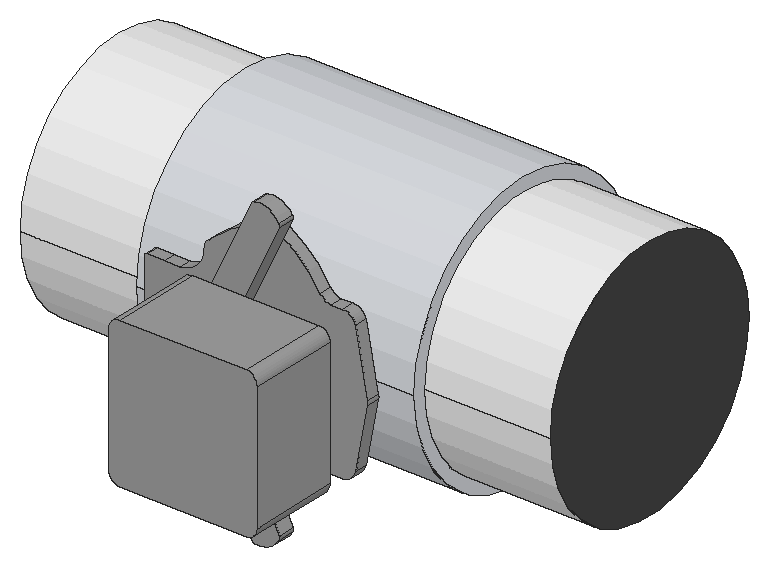
Revit family "HVAC_Ductwork_Airzone_Motorized-Round-Damper_CPCC1", category Duct Accessories, Revit 2016
Family settings
  Part Type = Damper
  Round Connector Dimension = Use Diameter
  OmniClass Number = 23.75.70.14.34
  OmniClass Title = Air Duct Accessories
  Work Plane-Based = No
  Always vertical = Yes
  Cut with Voids When Loaded = No
  Shared = No
Parameters (values of type "INVALID TYPE - Use Load Family and Type Catalog instead")
  c2 = -2.55  # constant formula
  c1 = 0.000275  # constant formula
  Velocity [instance] = (Q / (36 * Ak)) * 1.0 m/s  # 7.07355 m/s
  built-in parameter 1114242 [instance] = (empty or 0)
  URL = "www.airzone.es"
  Type Image Comments = "Image available in product documentation download"  # constant formula
  Type Comments = ""
  Revit Model Version = "1.0"  # constant formula
  Q [instance] = Flow / 1 m³/h  # 200
  Product Documentation Download URL = "http://doc.airzone.es/BIM/Motorized_air_diffusion/Airzone_CPCC.zip"
  Product Comments = "Refer to technical documentation for further details"  # constant formula
  Product Code = "INVALID – Type not loaded via type catalog"
  Model = Product Code  # "INVALID – Type not loaded via type catalog"
  Manufacturer = "AIRZONE"  # constant formula
  Main Material = Metal - AIRZONE - Aluminium - Brushed
  Long Description = "CPCC motorized round duct damper to control the air inlet of the zone when attached to an air distribution round duct."  # constant formula
  Insulation Material = Insulation - AIRZONE -  Aluminum Finish
  Insulation Diameter = Damper Diameter + 10 mm  # 108 mm
  Flow [instance] = 200 m³/h
  Finish = "Aluminum"
  Effective Area = pi() * ((Duct Diameter / 2) ^ 2)  # 78.5398 cm²
  Duct Diameter = 100 mm
  Disclaimer = "All information provided in this model is reviewed before being published. However, Airzone cannot guarantee this model is error-free, therefore users are strongly encouraged to check for technical documentation and updates"  # constant formula
  Description = "Motorized round duct damper"  # constant formula
  Damper Length = 210 mm
  Damper Diameter = Duct Diameter - 2 mm  # 98 mm
  Calculated Pressure Drop [instance] = ((c1 * (Ak ^ c2)) * (Q ^ 2)) * 1.0 Pa  # 20.3664 Pa
  Ak = (Effective Area / 100.00 cm²)  # 0.7854
  Actuator Description = "MCCRQ - Round damper actuator - 12V, 40mA, 250mA max, 0.8 Nm"  # constant formula
  Accessories Material = Plastic - AIRZONE - Gray - Matte
Reference planes
  plane 1 "Center (Front/Back)": y = 0
  plane 2: z = 0
  plane 3 "Center (Left/Right)": x = 0
  plane 4 "Left": x = -105
  plane 5 "Right": x = 105
  plane 6 "Front": y = -49
  plane 7 "Back": y = 49
  plane 8 "Actuator Box": y = -78.7
  plane 9 "Actuator Base": y = -61.7
  plane 10 "Insulation Left": x = -55
  plane 11 "Insulation Right": x = 55
  plane 12 "Right Flange": x = 80
  plane 13 "Left Flange": x = -80
Forms (mm)
  Extrusion 1, solid, material "Metal - AIRZONE - Aluminium - Brushed" <- "Main Material"
    sketch origin (0, 0, 0) x (0, 1, 0) y (0, 0, 1)
      loop
        circle (0, 0) r 49
    from -105 to 105
  Extrusion 2, solid, material "Plastic - AIRZONE - Gray - Matte" <- "Accessories Material", detail levels medium+fine
    sketch origin (0, -78.7, 0) x (1, 0, 0) y (0, 0, 1)
      loop
        line (37.1, 29.5) -> (-13.1, 29.5)
        arc (-13.1, 29.5) -> (-16.211, 28.211) -> (-17.5, 25.1) r 4.4
        line (-17.5, 25.1) -> (-17.5, -25.1)
        arc (-17.5, -25.1) -> (-16.211, -28.211) -> (-13.1, -29.5) r 4.4
        line (-13.1, -29.5) -> (37.1, -29.5)
        arc (37.1, -29.5) -> (40.211, -28.211) -> (41.5, -25.1) r 4.4
        line (41.5, -25.1) -> (41.5, 25.1)
        arc (41.5, 25.1) -> (40.211, 28.211) -> (37.1, 29.5) r 4.4
    from 0 to 36
  Extrusion 3, solid, material "Plastic - AIRZONE - Gray - Matte" <- "Accessories Material", detail levels fine
    sketch origin (0, -61.7, 0) x (1, 0, 0) y (0, 0, 1)
      loop
        arc (-17.998, -32.181) -> (-17.572, -34.298) -> (-16.294, -36.038) r 5
        arc (-16.294, -36.038) -> (-7.105, -42.986) -> (2.988, -48.542) r 80
        arc (2.988, -48.542) -> (4.008, -48.884) -> (5.078, -49) r 5
        line (5.078, -49) -> (9.106, -49)
        arc (9.106, -49) -> (10.372, -48.837) -> (11.555, -48.359) r 5
        arc (11.555, -48.359) -> (20.746, -41.476) -> (27.843, -32.449) r 44
        arc (27.843, -32.449) -> (29.669, -30.655) -> (32.144, -30) r 5
        line (32.144, -30) -> (37.001, -30)
        arc (37.001, -30) -> (40.172, -28.866) -> (41.904, -25.979) r 5
        line (41.904, -25.979) -> (46.914, -0.881)
        arc (46.914, -0.881) -> (47.001, 0) -> (46.914, 0.881) r 4.5
        line (46.914, 0.881) -> (41.904, 25.979)
        arc (41.904, 25.979) -> (40.172, 28.866) -> (37.001, 30) r 5
        line (37.001, 30) -> (32.144, 30)
        arc (32.144, 30) -> (29.669, 30.655) -> (27.843, 32.449) r 5
        arc (27.843, 32.449) -> (20.746, 41.476) -> (11.555, 48.359) r 44
        arc (11.555, 48.359) -> (10.372, 48.837) -> (9.106, 49) r 5
        line (9.106, 49) -> (5.078, 49)
        arc (5.078, 49) -> (4.008, 48.884) -> (2.988, 48.542) r 5
        arc (2.988, 48.542) -> (-7.105, 42.986) -> (-16.294, 36.038) r 80
        arc (-16.294, 36.038) -> (-17.572, 34.298) -> (-17.998, 32.181) r 5
        arc (-17.998, 32.181) -> (-20.718, 25.347) -> (-27.499, 22.5) r 9.5
        line (-27.499, 22.5) -> (-33.585, 22.5) -> (-40.486, 22.5)
        arc (-40.486, 22.5) -> (-41.231, 22.191) -> (-41.54, 21.446) r 1.054
        line (-41.54, 21.446) -> (-41.54, -21.4)
        arc (-41.54, -21.4) -> (-41.218, -22.178) -> (-40.44, -22.5) r 1.1
        line (-40.44, -22.5) -> (-33.585, -22.5) -> (-27.499, -22.5)
        arc (-27.499, -22.5) -> (-20.718, -25.347) -> (-17.998, -32.181) r 9.5
    from 0 to 5
  Extrusion 4, solid, material "Plastic - AIRZONE - Gray - Matte" <- "Accessories Material", detail levels medium+fine
    sketch origin (0, -49, 0) x (1, 0, 0) y (0, 0, 1)
      loop
        circle (0, 0) r 7
    from 0 to 29.7
  Extrusion 5, solid, material "Plastic - AIRZONE - Gray - Matte" <- "Accessories Material", detail levels fine
    sketch origin (0, -61.7, 0) x (1, 0, 0) y (0, 0, 1)
      loop
        line (-17.177, 9.817) -> (-16.694, 8.488) -> (-7.631, 4.262) -> (-6.302, 4.745) -> (17.008, 54.733)
        arc (17.008, 54.733) -> (17.154, 55.527) -> (16.893, 56.29) r 1.6
        arc (16.893, 56.29) -> (12.772, 59.847) -> (7.399, 60.718) r 10
        arc (7.399, 60.718) -> (6.647, 60.426) -> (6.132, 59.805) r 1.6
        line (6.132, 59.805) -> (-17.177, 9.817)
      loop
        line (-17.177, -9.817) -> (6.132, -59.805)
        arc (6.132, -59.805) -> (6.647, -60.426) -> (7.399, -60.718) r 1.6
        arc (7.399, -60.718) -> (12.772, -59.847) -> (16.893, -56.29) r 10
        arc (16.893, -56.29) -> (17.154, -55.527) -> (17.008, -54.733) r 1.6
        line (17.008, -54.733) -> (-6.302, -4.745) -> (-7.631, -4.262) -> (-16.694, -8.488) -> (-17.177, -9.817)
    from 5 to 11.5
  Extrusion 6, solid, material "Insulation - AIRZONE -  Aluminum Finish" <- "Insulation Material", detail levels fine
    sketch origin (0, 0, 0) x (0, 1, 0) y (0, 0, 1)
      loop
        circle (0, 0) r 49
      loop
        circle (0, 0) r 54
    from -55 to 55
Lines and regions (mm)
  model lines, detail levels fine
    curve 1: circle (80, 0, 0) r 50 normal (-1, 0, 0)
    curve 2: circle (-80, 0, 0) r 50 normal (1, 0, 0)
  symbolic lines, detail levels coarse
    curve 3: line (0, -49, 0) -> (0, -114.7, 0)
    curve 4: line (0, -114.7, 0) -> (41, -114.7, 0)
    curve 5: line (-105, 49, 0) -> (105, 49, 0)
    curve 6: line (-105, -49, 0) -> (-105, 49, 0)
    curve 7: line (105, -49, 0) -> (-105, -49, 0)
    curve 8: line (105, 49, 0) -> (105, -49, 0)
Dimensions and locks
  equal spacing: plane 4 "Left", plane 3 "Center (Left/Right)", plane 5 "Right"
  "Damper Length": plane 4 "Left" to plane 5 "Right"
  equal spacing: plane 6 "Front", plane 1 "Center (Front/Back)", plane 7 "Back"
  "Damper Diameter": plane 7 "Back" to plane 6 "Front"
  locked: Extrusion 2 sketch curve to Extrusion 2 sketch curve at 59  (x2)
  plane 3 "Center (Left/Right)" to Extrusion 2 sketch curve = 17.5 mm
  equal spacing: Extrusion 2 sketch curve, level, Extrusion 2 sketch curve
  locked: plane 9 "Actuator Base" to plane 6 "Front" at 12.7
  locked: plane 8 "Actuator Box" to plane 9 "Actuator Base" at 17
  locked: plane 4 "Left" to plane 10 "Insulation Left" at 50
  locked: plane 11 "Insulation Right" to plane 5 "Right" at 50
  equal spacing: plane 4 "Left", plane 13 "Left Flange", plane 10 "Insulation Left"
  equal spacing: plane 11 "Insulation Right", plane 12 "Right Flange", plane 5 "Right"
  locked: curve 4 to curve 4 at 41
  locked: plane 3 "Center (Left/Right)" to curve 4 at 41
  locked: curve 3 to curve 3 at 65.7
  locked: curve 4 to plane 6 "Front" at 65.7
  radius of Extrusion 1 sketch curve = 49 mm
  "Damper Diameter": diameter of Extrusion 1 sketch curve
  "Damper Diameter": diameter of Extrusion 6 sketch curve
  "Insulation Diameter": diameter of Extrusion 6 sketch curve
  "Duct Diameter": diameter of curve 2
  "Duct Diameter": diameter of curve 1
  aligned and locked: level to plane 2
  aligned and locked: plane 1 "Center (Front/Back)" to Extrusion 1 sketch curve
  aligned and locked: Extrusion 1 to plane 4 "Left"
  aligned and locked: plane 5 "Right" to Extrusion 1
  aligned and locked: plane 3 "Center (Left/Right)" to Extrusion 4 sketch curve
  aligned and locked: level to Extrusion 4 sketch curve
  aligned and locked: plane 8 "Actuator Box" to Extrusion 4
  aligned and locked: Extrusion 4 to plane 6 "Front"
  aligned and locked: plane 1 "Center (Front/Back)" to Extrusion 6 sketch curve  (x2)
  aligned and locked: level to Extrusion 6 sketch curve  (x2)
  aligned and locked: Extrusion 6 to plane 10 "Insulation Left"
  aligned and locked: plane 11 "Insulation Right" to Extrusion 6
  aligned and locked: plane 1 "Center (Front/Back)" to curve 1
  aligned and locked: level to curve 1
  aligned and locked: plane 1 "Center (Front/Back)" to curve 2
  aligned and locked: level to curve 2
  aligned and locked: curve 3 to plane 3 "Center (Left/Right)"
  aligned and locked: plane 4 "Left" to curve 6
  aligned and locked: curve 8 to plane 5 "Right"
  aligned and locked: curve 5 to plane 7 "Back"
  aligned and locked: curve 7 to plane 6 "Front"
Automatic sketch dimensions
  Extrusion 2 sketch curve to plane 3 "Center (Left/Right)" = 17.5 mm
  Extrusion 2 sketch curve to Extrusion 2 sketch curve = 4.4 mm  (x4)
  Extrusion 3 sketch curve to level = 0 mm
  Extrusion 3 sketch curve to plane 3 "Center (Left/Right)" = 41.54 mm
  Extrusion 3 sketch curve to Extrusion 3 sketch curve = 1.054 mm
  Extrusion 3 sketch curve to Extrusion 3 sketch curve = 1.1 mm
  Extrusion 3 sketch curve to Extrusion 3 sketch curve = 6.902 mm
  Extrusion 3 sketch curve to Extrusion 3 sketch curve = 6.855 mm
  Extrusion 3 sketch curve to Extrusion 3 sketch curve = 6.086 mm  (x2)
  Extrusion 3 sketch curve to plane 3 "Center (Left/Right)" = 12.999 mm  (x2)
  Extrusion 3 sketch curve to plane 3 "Center (Left/Right)" = 9.999 mm  (x2)
  plane 3 "Center (Left/Right)" to Extrusion 3 sketch curve = 5.078 mm  (x2)
  Extrusion 3 sketch curve to Extrusion 3 sketch curve = 4.028 mm  (x2)
  Extrusion 3 sketch curve to Extrusion 3 sketch curve = 23.038 mm  (x2)
  Extrusion 3 sketch curve to Extrusion 3 sketch curve = 4.281 mm  (x2)
  Extrusion 3 sketch curve to Extrusion 3 sketch curve = 0.576 mm  (x2)
  Extrusion 3 sketch curve to Extrusion 3 sketch curve = 4.903 mm  (x2)
  level to Extrusion 3 sketch curve = 25.979 mm
  Extrusion 3 sketch curve to Extrusion 3 sketch curve = 6.076 mm
  level to Extrusion 3 sketch curve = 0.881 mm
  Extrusion 3 sketch curve to Extrusion 3 sketch curve = 4.413 mm
  Extrusion 3 sketch curve to level = 0.881 mm
  Extrusion 3 sketch curve to level = 10 mm
  Extrusion 3 sketch curve to level = 21.4 mm
  Extrusion 3 sketch curve to level = 24.135 mm
  Extrusion 3 sketch curve to Extrusion 3 sketch curve = 0.865 mm  (x2)
  Extrusion 3 sketch curve to Extrusion 3 sketch curve = 0.979 mm
  Extrusion 3 sketch curve to Extrusion 3 sketch curve = 9.5 mm  (x2)
  Extrusion 3 sketch curve to Extrusion 3 sketch curve = 0.277 mm  (x2)
  Extrusion 3 sketch curve to Extrusion 3 sketch curve = 5 mm  (x4)
  Extrusion 3 sketch curve to Extrusion 3 sketch curve = 11.723 mm  (x2)
  Extrusion 3 sketch curve to Extrusion 3 sketch curve = 0 mm  (x6)
  level to Extrusion 3 sketch curve = 10 mm
  level to Extrusion 3 sketch curve = 21.446 mm
  Extrusion 3 sketch curve to Extrusion 3 sketch curve = 1.844 mm
  Extrusion 3 sketch curve to Extrusion 3 sketch curve = 5.002 mm  (x2)
  Extrusion 3 sketch curve to Extrusion 3 sketch curve = 0.003 mm  (x2)
  Extrusion 3 sketch curve to Extrusion 3 sketch curve = 1.704 mm  (x2)
  Extrusion 5 sketch curve to plane 3 "Center (Left/Right)" = 17.177 mm  (x2)
  Extrusion 5 sketch curve to Extrusion 5 sketch curve = 0.484 mm  (x4)
  Extrusion 5 sketch curve to plane 3 "Center (Left/Right)" = 7.631 mm  (x2)
  Extrusion 5 sketch curve to Extrusion 5 sketch curve = 1.329 mm  (x4)
  plane 3 "Center (Left/Right)" to Extrusion 5 sketch curve = 6.132 mm  (x2)
  Extrusion 5 sketch curve to Extrusion 5 sketch curve = 1.45 mm  (x4)
  Extrusion 5 sketch curve to Extrusion 5 sketch curve = 0.964 mm  (x2)
  Extrusion 5 sketch curve to Extrusion 5 sketch curve = 7.012 mm  (x2)
  Extrusion 5 sketch curve to level = 59.805 mm
  Extrusion 5 sketch curve to Extrusion 5 sketch curve = 0.676 mm  (x4)
  Extrusion 5 sketch curve to Extrusion 5 sketch curve = 3.719 mm
  Extrusion 5 sketch curve to Extrusion 5 sketch curve = 4.625 mm
  Extrusion 5 sketch curve to level = 9.817 mm
  Extrusion 5 sketch curve to level = 4.745 mm
  level to Extrusion 5 sketch curve = 4.262 mm
  level to Extrusion 5 sketch curve = 8.488 mm
  Extrusion 5 sketch curve to Extrusion 5 sketch curve = 46.038 mm
  Extrusion 5 sketch curve to Extrusion 5 sketch curve = 3.949 mm
  Extrusion 5 sketch curve to Extrusion 5 sketch curve = 8.345 mm
  Extrusion 5 sketch curve to Extrusion 5 sketch curve = 0 mm  (x2)
  Extrusion 1 sketch curve to level = 0 mm
  radius of Extrusion 4 sketch curve = 7 mm
Connectors
  hvac at (-105, 0, 0), driven by "Calculated Pressure Drop", driven by "Duct Diameter", driven by "Flow"
    settings: on Extrusion 1, index 1, duct flow 200 m³/h, flow factor 0, pres drop 20.3664 Pa, loss coef 0, conn angle 0.00°, conn width 304.8 mm, conn height 304.8 mm, conn diameter 100 mm, duct sys type 29, conn prof type 0, flow config 0, flow direction 0, loss method 0, conn ref index 2, conn util no, is conn primary yes, conn desc "Damper Connection Main"
  hvac at (105, 0, 0), driven by "Duct Diameter", driven by "Calculated Pressure Drop", driven by "Flow"
    settings: on Extrusion 1, index 2, duct flow 200 m³/h, flow factor 0, pres drop 20.3664 Pa, loss coef 0, conn angle 0.00°, conn width 304.8 mm, conn height 304.8 mm, conn diameter 100 mm, duct sys type 29, conn prof type 0, flow config 0, flow direction 0, loss method 0, conn ref index 1, conn util no, is conn primary no, conn desc "Damper Connection Secondary"
  electrical at (12, -114.7, 0), driven by "Actuator Description"
    settings: on Extrusion 2, index 3, voltage 0 V, apparent load 0 VA, apparent load phase1 0 VA, apparent load phase2 0 VA, apparent load phase3 0 VA, power factor 1, load classification "Other", number of poles 1, system type 13, power factor state 1, is connector primary yes, connector utility no, sub classification motor no, connector description "MCCRQ - Round damper actuator - 12V, 40mA, 250mA max, 0.8 Nm"
